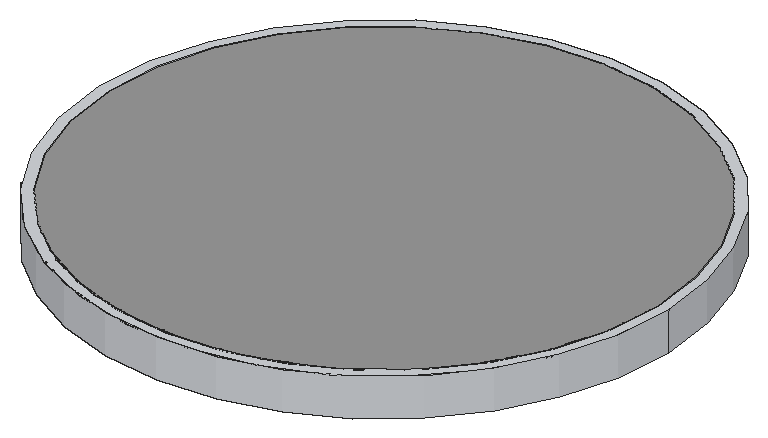
Revit family "2071233", category Lighting Fixtures, host Face, Revit 2018
Family settings
  Host = Face
  Round Connector Dimension = Use Diameter
  Part Type = Normal
  OmniClass Number = 23.80.70.00
  OmniClass Title = Lighting
  Cut with Voids When Loaded = No
  Light Source = Yes
  Shared = No
  Room Calculation Point = No
Parameters (values of type "2071233 COLOSSAL 900 830 OP DIR WHT DALI")
  iner diameter = 856 mm
  Weight = "n/a"
  Wattage Comments = ""
  Wattage = 30 W
  WarrantyStartDate [instance] = "n/a"
  WarrantyGuarantorParts = "n/a"
  WarrantyDurationUnit = "n/a"
  WarrantyDurationParts = ""
  WarrantyDescription = "http://www.sylvania-lighting.com"
  built-in parameter 1150110 = 1 (stored number, unit not read)
  Voltage = 230 V
  URL = "0.95"
  TypeName = "COLOSSAL 900mm 830 OPAL DIR WHITE DALI"
  Type Image = <None>
  Type Comments = "n/a"
  built-in parameter 1114217 = 1 (stored number, unit not read)
  Tilt Angle = -90.00°
  built-in parameter 1150109 = 1 (stored number, unit not read)
  built-in parameter 1150134 = (empty or 0)
  built-in parameter 1150113 = 1 (stored number, unit not read)
  SerialNumber [instance] = "n/a"
  Photometric Web File = "2071233.ies"
  Material_3_SYL = LED-Sylvania
  PowerFactor = 0
  PowerConsumption = "Lighting"
  NominalLength = 888 mm
  NominalHeight = 93 mm
  NominalDepth = 888 mm
  Name = "COLOSSAL 900mm 830 OPAL DIR WHITE DALI"
  ModelReference = Name  # "COLOSSAL 900mm 830 OPAL DIR WHITE DALI"
  ModelNumber = "2071233"
  Model = Name  # "COLOSSAL 900mm 830 OPAL DIR WHITE DALI"
  Material = "Feilo Sylvania"
  ManufacturerName = "135 lm/W"
  Manufacturer = ""
  LuminousEfficacy = ""
  built-in parameter 1150105 = 270.44 (stored number, unit not read)
  Lumens = 3398.4 lm
  LuminaireType = "0"
  built-in parameter 1150115 = 1 (stored number, unit not read)
  LightOutputRatio = "LED"
  built-in parameter 1150137 = (empty or 0)
  built-in parameter 1150139 = (empty or 0)
  LampsType = Lamp  # "n/a"
  LampNominalLuminous = "3000 K"
  LampMacAdamStep = "80"
  LampColourTemperature = "LED"
  LampColourRenderingIndex = "16500"
  built-in parameter 1150112 = 1 (stored number, unit not read)
  built-in parameter 1150114 = 1 (stored number, unit not read)
  Lamp = "n/a"
  Keynote = "n/a"
  InstallationDate [instance] = "n/a"
  InputVoltage = "0"
  InputNominalFrequency = "3000"
  built-in parameter 1150132 = (empty or 0)
  built-in parameter 1150102 = (empty or 0)
  built-in parameter 1150107 = 3000 (stored number, unit not read)
  built-in parameter 1150138 = (empty or 0)
  IngressProtection = "IfcLightFixtureType"
  ImpactProtectionIndex = "IfcLightFixtureType"
  built-in parameter 1150106 = 2.7044 (stored number, unit not read)
  IfcExportType = "IfcLightFixtureType"
  IfcExportAs = "Class I"
  Emit from Circle Diameter = 385 mm
  Emit Shape Visible in Rendering = no
  ElectricShockClassification = "135"
  built-in parameter 1150104 = 10.524 (stored number, unit not read)
  DocumentationLiterature = "http://www.sylvania-lighting.com/product/en-int/products/2071233"
  DimmingControlOptions = "n/a"
  Material_2_SYL = Polycarbonate_Sylvania_White
  Dimming Lamp Color Temperature Shift = <None>
  Description = "900mm diameter circular architectural luminaire, can be surface mounted or suspended. Powder coated aluminium housing (RAL9016) with polycarbonate opal diffuser. Direct light distribution, 10375lm luminuous flux, 76.8W system power, 135lm/W luminiaire efficacy. DALI dimmable. Colour rendering index Ra >80, 3000K Warm White LED, chromaticity tolerance of 3-step MacAdam ellipse. IP40/IP20, IK03. 450mA drive current. Electrical protection Class1, 220-240V. Reported lifetime 66k hours L90B10."
  Default Elevation = 1219.2 mm
  CreatedOn = "23/03/2022"
  CreatedBy = "@sylvania-lighting.com"
  Cost = 0
  Color Filter = 16777215
  built-in parameter 1114216 [instance] = (empty or 0)
  ClassificationValue = "EF_70_80"
  ClassificationName = "Uniclass2015"
  Material_1_SYL = Polycarbonate_Sylvania_Opal
  BarCode [instance] = "n/a"
  built-in parameter 1114218 = 1 (stored number, unit not read)
  built-in parameter 1150133 = 10 (stored number, unit not read)
  AssetType = "Fixed"
  AssetIdentifier [instance] = "n/a"
  Assembly Code = "D5020200"
  Apparent Load = 76.8 VA
  Material_4_SYL = none
Reference planes
  plane 1 "Center (Front/Back)": y = 0
  plane 2: z = 0
  plane 3 "Center (Left/Right)": x = 0
  plane 4: z = 1.161
  plane 5: z = 16.161
  plane 6: x = -444
  plane 7: x = 444
  plane 8: y = 444
  plane 9: y = -444
  plane 10: y = 236
  plane 11: y = -236
  plane 12: x = 85
  plane 13: x = -85
  plane 14: through (0, 0, 1219.2) normal (0.5, 0.866, 0)
  plane 15: through (42.5, 73.612, 1219.2) normal (0.5, 0.866, 0)
  plane 16: through (-42.5, -73.612, 1219.2) normal (0.5, 0.866, 0)
  plane 17: through (0, 0, 1219.2) normal (0.5, -0.866, 0)
  plane 18: through (-42.5, 73.612, 1219.2) normal (0.5, -0.866, 0)
  plane 19: through (42.5, -73.612, 1219.2) normal (0.5, -0.866, 0)
  plane 20: z = 93
  plane 21: y = 428
  plane 22: y = -428
Forms (mm)
  Extrusion 1, solid, detail levels medium+fine
    sketch origin (0, 0, 0) x (0.866025, -0.5, 0) y (0.5, 0.866025, 0)
      loop
        circle (-50, 86.603) r 22
    from 0 to 2
  Extrusion 2, solid, detail levels medium+fine
    sketch origin (0, 0, 0) x (0.866025, -0.5, 0) y (0.5, 0.866025, 0)
      loop
        circle (100, 0) r 22
      loop
        circle (-50, -86.603) r 22
    from 0 to 2
  Blend 3, solid, detail levels medium+fine
    base sketch origin (0, 0, 0) x (1, 0, 0) y (0, 1, 0)
      loop
        line (-85, 236) -> (-246.882, -44.388) -> (-161.882, -191.612) -> (161.882, -191.612) -> (246.882, -44.388) -> (85, 236) -> (-85, 236)
    top sketch origin (0, 0, 0) x (1, 0, 0) y (0, 1, 0)
      loop
        line (-85, 283.076) -> (-287.651, -67.926) -> (-207.792, -218.119) -> (207.792, -218.119) -> (292.5, -71.401) -> (85, 283.076) -> (-85, 283.076)
    from 0 to 33.022
  Extrusion 4, solid, detail levels medium+fine
    sketch origin (0, 0, 0) x (1, 0, 0) y (0, 1, 0)
      loop
        circle (0, 0) r 444
    from 33.022 to 93
  Extrusion 5, void
    sketch origin (0, 0, 0) x (1, 0, 0) y (0, 1, 0)
      loop
        circle (0, 0) r 428
    from 96.588 to 37.292
  Extrusion 6, solid, material "Glass, White, High Luminance", detail levels fine
    sketch origin (0, 0, 0) x (1, 0, 0) y (0, 1, 0)
      loop
        circle (0, 0) r 428
    from 87.991 to 93
  Extrusion 7, solid, detail levels coarse
    sketch origin (0, 0, 0) x (1, 0, 0) y (0, 1, 0)
      loop
        line (-444, 444) -> (-444, -444) -> (444, -444) -> (444, 444) -> (-444, 444)
    from 0 to 93.648
Cuts and joins
  Extrusion 5 cuts Extrusion 1
  Extrusion 5 cuts Extrusion 2
  Extrusion 5 cuts Blend 3
  Extrusion 5 cuts Extrusion 4
Lines and regions (mm)
  model lines, detail levels medium+fine
    curve 1: circle (0, 0, 0) r 100 normal (0, 0, 1)
Dimensions and locks
  "NominalDepth": plane 8 to plane 9
  plane 8 to plane 1 "Center (Front/Back)" to plane 9 = 444 mm, 444 mm
  "NominalLength": plane 6 to plane 7
  equal spacing: plane 6, plane 3 "Center (Left/Right)", plane 7
  "NominalHeight": level to plane 20
  "iner diameter": plane 21 to plane 22
  equal spacing: plane 21, plane 1 "Center (Front/Back)", plane 22
  aligned and locked: plane 2 to host face
  aligned and locked: level to host face
Automatic sketch dimensions
  host sketch curve to host sketch curve = 2438.4 mm  (x2)
  Extrusion 1 sketch curve to plane 3 "Center (Left/Right)" = 0 mm
  Extrusion 1 sketch curve to plane 1 "Center (Front/Back)" = 100 mm
  plane 1 "Center (Front/Back)" to Extrusion 2 sketch curve = 50 mm
  Extrusion 2 sketch curve to plane 3 "Center (Left/Right)" = 86.603 mm
  Extrusion 2 sketch curve to Extrusion 2 sketch curve = 150 mm
  Extrusion 2 sketch curve to Extrusion 2 sketch curve = 86.603 mm
  plane 1 "Center (Front/Back)" to curve 1 = 0 mm
  curve 1 to plane 3 "Center (Left/Right)" = 0 mm
  plane 18 to Blend 3 sketch curve = 0 mm  (x2)
  plane 19 to Blend 3 sketch curve = 0 mm  (x2)
  Blend 3 sketch curve to plane 10 = 0 mm
  Blend 3 sketch curve to plane 13 = 0 mm  (x2)
  Blend 3 sketch curve to plane 12 = 0 mm  (x2)
  Blend 3 sketch curve to plane 16 = 0 mm  (x2)
  Blend 3 sketch curve to plane 15 = 0 mm
  plane 11 to Blend 3 sketch curve = 44.388 mm
  plane 1 "Center (Front/Back)" to Blend 3 sketch curve = 44.388 mm  (x2)
  plane 11 to Blend 3 sketch curve = 17.881 mm
  plane 1 "Center (Front/Back)" to Blend 3 sketch curve = 67.926 mm
  plane 1 "Center (Front/Back)" to Blend 3 sketch curve = 71.401 mm
  Blend 3 sketch curve to plane 7 = 151.5 mm
  plane 10 to Blend 3 sketch curve = 47.076 mm
  plane 1 "Center (Front/Back)" to Extrusion 4 sketch curve = 0 mm
  Extrusion 4 sketch curve to plane 3 "Center (Left/Right)" = 0 mm
  plane 1 "Center (Front/Back)" to Extrusion 5 sketch curve = 0 mm
  Extrusion 5 sketch curve to plane 3 "Center (Left/Right)" = 0 mm
  plane 1 "Center (Front/Back)" to Extrusion 6 sketch curve = 0 mm
  Extrusion 6 sketch curve to plane 3 "Center (Left/Right)" = 0 mm
  Extrusion 7 sketch curve to plane 6 = 0 mm
  Extrusion 7 sketch curve to plane 7 = 0 mm
  Extrusion 7 sketch curve to plane 9 = 0 mm
  Extrusion 7 sketch curve to plane 8 = 0 mm
  radius of Extrusion 1 sketch curve = 22 mm
  radius of Extrusion 2 sketch curve = 22 mm  (x2)
  radius of curve 1 = 100 mm
  radius of Extrusion 4 sketch curve = 444 mm
  radius of Extrusion 5 sketch curve = 428 mm
  radius of Extrusion 6 sketch curve = 428 mm
Connectors
  electrical at (0, 0, 0), driven by "Apparent Load", driven by "PowerFactor", driven by "Voltage"
    settings: index 1, voltage 230 V, apparent load 76.8 VA, apparent load phase1 0 VA, apparent load phase2 0 VA, apparent load phase3 0 VA, power factor 0, load classification "Lighting", number of poles 1, system type 30, power factor state 1, is connector primary yes, connector utility no, sub classification motor no, connector description ""
